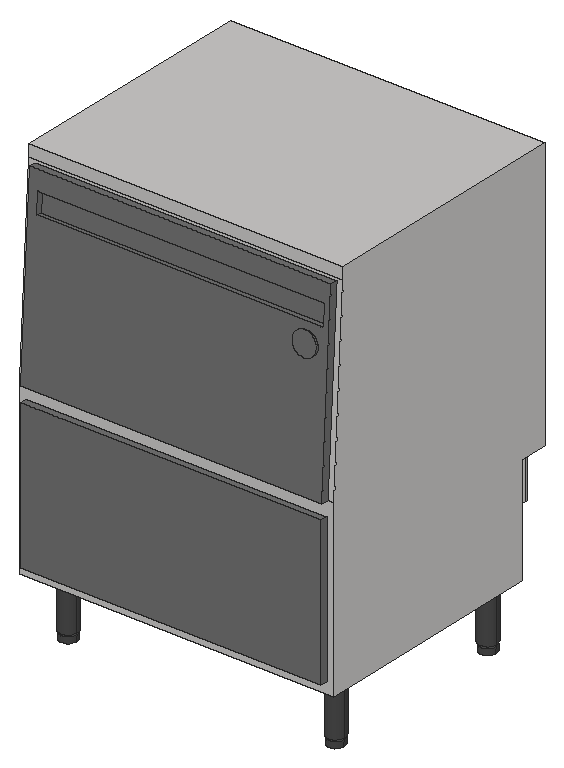
Revit family "QF_MACOM_HOSIM65A-2M", category Equipamento especial, Revit 2020 (continued)
Automatic sketch dimensions
  curve 278 to curve 278 = 3.5 mm
  curve 274 to curve 274 = 3.5 mm
  curve 290 to curve 277 = 0 mm
  curve 288 to curve 277 = 0 mm
  curve 286 to curve 273 = 0 mm
  curve 284 to curve 273 = 0 mm
  curve 282 to curve 269 = 0 mm
  curve 280 to curve 269 = 0 mm
  curve 269 to curve 280 = 4 mm
  curve 277 to curve 288 = 4 mm
  curve 273 to curve 284 = 4 mm
  curve 282 to curve 282 = 3.5 mm
  curve 290 to curve 290 = 3.5 mm
  curve 286 to curve 286 = 3.5 mm
  curve 292 to Extrusion 1 = 52.5 mm
  curve 292 to Extrusion 1 = 139.5 mm
  curve 293 to curve 293 = 68 mm
  curve 294 to curve 294 = 3.5 mm
  curve 296 to curve 292 = 13 mm
  curve 296 to curve 298 = 68 mm
  curve 296 to Extrusion 1 = 52.5 mm
  curve 299 to curve 299 = 3.5 mm
  curve 300 to curve 296 = 13 mm
  curve 300 to curve 302 = 68 mm
  curve 300 to Extrusion 1 = 52.5 mm
  curve 303 to curve 303 = 3.5 mm
  curve 312 to curve 303 = 0 mm
  curve 312 to curve 302 = 0 mm
  curve 311 to curve 299 = 0 mm
  curve 310 to curve 298 = 0 mm
  curve 307 to curve 295 = 0 mm
  curve 305 to curve 294 = 0 mm
  curve 294 to curve 304 = 4 mm
  curve 303 to curve 312 = 4 mm
  curve 298 to curve 308 = 4 mm
  curve 304 to curve 306 = 3.5 mm
  curve 312 to curve 314 = 3.5 mm
  curve 308 to curve 310 = 3.5 mm
  curve 327 to curve 315 = 0 mm
  curve 326 to curve 314 = 0 mm
  curve 323 to curve 311 = 0 mm
  curve 320 to curve 310 = 0 mm
  curve 316 to curve 307 = 0 mm
  curve 318 to curve 306 = 0 mm
  curve 306 to curve 316 = 4 mm
  curve 315 to curve 324 = 4 mm
  curve 310 to curve 320 = 4 mm
  curve 316 to curve 318 = 3.5 mm
  curve 327 to curve 327 = 3.5 mm
  curve 320 to curve 322 = 3.5 mm
  curve 336 to curve 327 = 0 mm
  curve 338 to curve 325 = 0 mm
  curve 333 to curve 323 = 0 mm
  curve 333 to curve 322 = 0 mm
  curve 328 to curve 319 = 0 mm
  curve 330 to curve 318 = 0 mm
  curve 318 to curve 328 = 4 mm
  curve 327 to curve 336 = 4 mm
  curve 322 to curve 332 = 4 mm
  curve 328 to curve 330 = 3.5 mm
  curve 336 to curve 338 = 3.5 mm
  curve 332 to curve 334 = 3.5 mm
  curve 351 to curve 339 = 0 mm
  curve 348 to curve 338 = 0 mm
  curve 344 to curve 335 = 0 mm
  curve 344 to curve 334 = 0 mm
  curve 340 to curve 331 = 0 mm
  curve 341 to curve 330 = 0 mm
  curve 330 to curve 340 = 4 mm
  curve 339 to curve 348 = 4 mm
  curve 334 to curve 344 = 4 mm
  curve 340 to curve 342 = 3.5 mm
  curve 348 to curve 350 = 3.5 mm
  curve 344 to curve 346 = 3.5 mm
  curve 360 to curve 351 = 0 mm
  curve 362 to curve 350 = 0 mm
  curve 357 to curve 347 = 0 mm
  curve 356 to curve 346 = 0 mm
  curve 355 to curve 343 = 0 mm
  curve 352 to curve 342 = 0 mm
  curve 342 to curve 352 = 4 mm
  curve 351 to curve 360 = 4 mm
  curve 346 to curve 356 = 4 mm
  curve 352 to curve 354 = 3.5 mm
  curve 360 to curve 362 = 3.5 mm
  curve 356 to curve 358 = 3.5 mm
  curve 375 to curve 363 = 0 mm
  curve 372 to curve 362 = 0 mm
  curve 368 to curve 359 = 0 mm
  curve 368 to curve 358 = 0 mm
  curve 367 to curve 355 = 0 mm
  curve 364 to curve 354 = 0 mm
  curve 354 to curve 364 = 4 mm
  curve 363 to curve 372 = 4 mm
  curve 358 to curve 368 = 4 mm
  curve 364 to curve 366 = 3.5 mm
  curve 375 to curve 375 = 3.5 mm
  curve 368 to curve 370 = 3.5 mm
  curve 384 to curve 375 = 0 mm
  curve 386 to curve 373 = 0 mm
  curve 380 to curve 371 = 0 mm
  curve 380 to curve 370 = 0 mm
  curve 379 to curve 367 = 0 mm
  curve 376 to curve 366 = 0 mm
  curve 366 to curve 376 = 4 mm
  curve 375 to curve 384 = 4 mm
  curve 370 to curve 380 = 4 mm
  curve 376 to curve 378 = 3.5 mm
  curve 384 to curve 386 = 3.5 mm
  curve 380 to curve 382 = 3.5 mm
  curve 399 to curve 387 = 0 mm
  curve 398 to curve 386 = 0 mm
  curve 393 to curve 383 = 0 mm
  curve 394 to curve 382 = 0 mm
  curve 391 to curve 379 = 0 mm
  curve 388 to curve 378 = 0 mm
  curve 378 to curve 388 = 4 mm
  curve 387 to curve 396 = 4 mm
  curve 382 to curve 392 = 4 mm
  curve 388 to curve 390 = 3.5 mm
  curve 396 to curve 398 = 3.5 mm
  curve 392 to curve 394 = 3.5 mm
  curve 408 to curve 399 = 0 mm
  curve 410 to curve 398 = 0 mm
  curve 407 to curve 395 = 0 mm
  curve 406 to curve 394 = 0 mm
  curve 403 to curve 391 = 0 mm
  curve 400 to curve 390 = 0 mm
  curve 390 to curve 400 = 4 mm
  curve 399 to curve 408 = 4 mm
  curve 394 to curve 404 = 4 mm
  curve 400 to curve 402 = 3.5 mm
  curve 408 to curve 410 = 3.5 mm
  curve 404 to curve 406 = 3.5 mm
  curve 423 to curve 411 = 0 mm
  curve 420 to curve 410 = 0 mm
  curve 416 to curve 407 = 0 mm
  curve 416 to curve 406 = 0 mm
  curve 415 to curve 403 = 0 mm
  curve 412 to curve 402 = 0 mm
  curve 402 to curve 412 = 4 mm
  curve 411 to curve 420 = 4 mm
  curve 406 to curve 416 = 4 mm
  curve 412 to curve 414 = 3.5 mm
  curve 420 to curve 422 = 3.5 mm
  curve 416 to curve 418 = 3.5 mm
  curve 432 to curve 423 = 0 mm
  curve 434 to curve 422 = 0 mm
  curve 431 to curve 419 = 0 mm
  curve 430 to curve 418 = 0 mm
  curve 427 to curve 415 = 0 mm
  curve 424 to curve 414 = 0 mm
  curve 414 to curve 424 = 4 mm
  curve 423 to curve 432 = 4 mm
  curve 418 to curve 428 = 4 mm
  curve 426 to curve 426 = 3.5 mm
  curve 432 to curve 434 = 3.5 mm
  curve 430 to curve 430 = 3.5 mm
  curve 447 to curve 435 = 0 mm
  curve 446 to curve 434 = 0 mm
  curve 443 to curve 431 = 0 mm
  curve 440 to curve 429 = 0 mm
  curve 439 to curve 427 = 0 mm
  curve 436 to curve 425 = 0 mm
  curve 425 to curve 436 = 4 mm
  curve 435 to curve 444 = 4 mm
  curve 429 to curve 440 = 4 mm
  curve 436 to curve 438 = 3.5 mm
  curve 444 to curve 446 = 3.5 mm
  curve 440 to curve 442 = 3.5 mm
  curve 456 to curve 447 = 0 mm
  curve 458 to curve 446 = 0 mm
  curve 453 to curve 443 = 0 mm
  curve 454 to curve 441 = 0 mm
  curve 451 to curve 439 = 0 mm
  curve 448 to curve 437 = 0 mm
  curve 437 to curve 448 = 4 mm
  curve 447 to curve 456 = 4 mm
  curve 441 to curve 452 = 4 mm
  curve 450 to curve 450 = 3.5 mm
  curve 456 to curve 458 = 3.5 mm
  curve 454 to curve 454 = 3.5 mm
  curve 471 to curve 459 = 0 mm
  curve 470 to curve 458 = 0 mm
  curve 464 to curve 455 = 0 mm
  curve 465 to curve 453 = 0 mm
  curve 463 to curve 451 = 0 mm
  curve 460 to curve 449 = 0 mm
  curve 449 to curve 460 = 4 mm
  curve 459 to curve 468 = 4 mm
  curve 453 to curve 464 = 4 mm
  curve 460 to curve 462 = 3.5 mm
  curve 471 to curve 471 = 3.5 mm
  curve 464 to curve 466 = 3.5 mm
  curve 480 to curve 471 = 0 mm
  curve 482 to curve 469 = 0 mm
  curve 476 to curve 467 = 0 mm
  curve 478 to curve 465 = 0 mm
  curve 472 to curve 463 = 0 mm
  curve 472 to curve 461 = 0 mm
  curve 461 to curve 472 = 4 mm
  curve 471 to curve 480 = 4 mm
  curve 465 to curve 476 = 4 mm
  curve 474 to curve 474 = 3.5 mm
  curve 480 to curve 482 = 3.5 mm
  curve 478 to curve 478 = 3.5 mm
  Extrusion 1 sketch curve to plane 1 "Centro (Frontal/Traseira)" = 0 mm
  plane 1 "Centro (Frontal/Traseira)" to Extrusion 1 sketch curve = 60 mm
  Extrusion 1 sketch curve to plane 6 = 39 mm
  Extrusion 1 sketch curve to plane 6 = 15 mm
  Extrusion 1 sketch curve to Extrusion 1 sketch curve = 364.6 mm
  Extrusion 1 sketch curve to Extrusion 1 sketch curve = 25 mm
  Extrusion 3 sketch curve to plane 6 = 15 mm
  Extrusion 3 sketch curve to plane 6 = 38.696 mm
  level to Extrusion 3 sketch curve = 496.6 mm
  Extrusion 3 sketch curve to plane 6 = 0.026 mm
  Extrusion 3 sketch curve to Extrusion 3 sketch curve = 14.971 mm
  Extrusion 3 sketch curve to Extrusion 3 sketch curve = 0.942 mm
  Extrusion 4 sketch curve to plane 6 = 33.816 mm
  Extrusion 4 sketch curve to plane 5 = 56.596 mm
  Extrusion 4 sketch curve to Extrusion 4 sketch curve = 3.668 mm
  Extrusion 4 sketch curve to Extrusion 4 sketch curve = 4.99 mm
  Extrusion 4 sketch curve to Extrusion 4 sketch curve = 0.689 mm
  Extrusion 4 sketch curve to Extrusion 4 sketch curve = 2.447 mm
  Extrusion 4 sketch curve to Extrusion 4 sketch curve = 0.154 mm
  Extrusion 4 sketch curve to Extrusion 4 sketch curve = 4.209 mm
  Extrusion 4 sketch curve to Extrusion 4 sketch curve = 11.647 mm
  Extrusion 4 sketch curve to Extrusion 4 sketch curve = 10.494 mm
  Extrusion 5 sketch curve to Extrusion 3 = 0 mm  (x3)
  Extrusion 5 sketch curve to Extrusion 5 sketch curve = 23.701 mm
  Extrusion 5 sketch curve to Extrusion 5 sketch curve = 0.001 mm
  Extrusion 5 sketch curve to Extrusion 5 sketch curve = 360.268 mm
  Extrusion 5 sketch curve to Extrusion 5 sketch curve = 0.004 mm
  plane 1 "Centro (Frontal/Traseira)" to curve 484 = 0 mm
  curve 484 to plane 3 "Centro (Esquerda/Direita)" = 0 mm
  curve 485 to plane 4 = 0 mm
  curve 492 to plane 6 = 0.025 mm
  plane 3 "Centro (Esquerda/Direita)" to curve 492 = 13 mm
  curve 492 to curve 498 = 19 mm
  curve 496 to plane 4 = 24 mm
  curve 491 to plane 4 = 13 mm
  curve 485 to plane 6 = 15 mm
  curve 486 to curve 497 = 3.755 mm
  curve 497 to curve 498 = 15.061 mm
  curve 493 to curve 492 = 0 mm
  curve 492 to curve 486 = 2 mm
  curve 495 to curve 493 = 4.88 mm
  curve 493 to curve 494 = 0.304 mm
  curve 494 to curve 488 = 21 mm
  plane 1 "Centro (Frontal/Traseira)" to Extrusion 7 sketch curve = 0 mm
  plane 1 "Centro (Frontal/Traseira)" to Extrusion 6 sketch curve = 0 mm  (x2)
  Extrusion 6 sketch curve to plane 3 "Centro (Esquerda/Direita)" = 0 mm
  plane 6 to Extrusion 6 sketch curve = 0 mm  (x2)
  Extrusion 6 sketch curve to plane 4 = 0 mm
  Extrusion 6 sketch curve to plane 3 "Centro (Esquerda/Direita)" = 150 mm
  plane 4 to Extrusion 6 sketch curve = 150 mm
  Extrusion 7 sketch curve to plane 3 "Centro (Esquerda/Direita)" = 150 mm
  plane 4 to Extrusion 7 sketch curve = 150 mm
  radius of Extrusion 8 sketch curve = 6.35 mm
  radius of Extrusion 9 sketch curve = 9.525 mm  (x2)
Nested families
  nested 1: "Sapata 132mm" at (50.469, -491.619, 17.513) x (1, 0, 0) z (0, -1, 0), type "Sapata 132mm"
  nested 2: "Sapata 132mm" at (50.469, -91.763, 17.513) x (1, 0, 0) z (0, -1, 0), type "Sapata 132mm"
  nested 3: "Sapata 132mm" at (614.191, -91.763, 17.513) x (1, 0, 0) z (0, -1, 0), type "Sapata 132mm"
  nested 4: "Sapata 132mm" at (614.191, -491.619, 17.513) x (1, 0, 0) z (0, -1, 0), type "Sapata 132mm"
  nested 5: "QF_Hoshizaki_Logo" at (-619.2, 664.082, 751.516), visible <- "Show Logo", type "QF_Hoshizaki_Logo", detail levels medium+fine
    with Type Mark "", Status "", Specification by User "", Show Logo yes, Serial Number "", Revision Code "", Item Number "", Installed By "", Identify Quantity as Lot yes, Furnished By "", Foodservice Equipment Identifier yes
Connectors
  piping at (79, -53.65, 285), diameter 19.05, driven by "Indirect Waste Size"
    settings: on Extrusion 9, index 1, connector inside diameter 24", connector length 0 mm, flow factor 0, pipe flow 0.0 L/s, pressure drop 0.0 Pa, fitting loss kfactor 0, connector angle 0.00°, fixture units 0, engagement length 0 mm, angle of deflection 0.00°, flow configuration 0, flow direction 2, fitting loss method 0, system type 16, joint type 0, gender type 0, connector reference index -1, connector utility 0, adjustable connector no, is connector primary yes, connector description ""
  piping at (634, -25, 261), diameter 12.7, driven by "Cold Water Size"
    settings: on Extrusion 8, index 2, connector inside diameter 24", connector length 0 mm, flow factor 0, pipe flow 0.0 L/s, pressure drop 0.0 Pa, fitting loss kfactor 0, connector angle 0.00°, fixture units 0, engagement length 0 mm, angle of deflection 0.00°, flow configuration 0, flow direction 1, fitting loss method 0, system type 7, joint type 0, gender type 0, connector reference index -1, connector utility 0, adjustable connector no, is connector primary no, connector description ""
  electrical at (25, -53.65, 330), driven by "Volts"
    settings: on Extrusion 9, index 3, voltage 220 V, apparent load 0 VA, apparent load phase1 0 VA, apparent load phase2 0 VA, apparent load phase3 0 VA, power factor 1, load classification "Outro", number of poles 1, system type 30, power factor state 1, is connector primary yes, connector utility no, sub classification motor no, connector description ""
Definition of nested family "Sapata 132mm"
  Parameters
    Default Elevation = 0 mm
  Reference planes
    plane 1 "Centro (Frente/Trás)": y = 0
    plane 2: z = 0
    plane 3 "Centro (Esquerda/Direita)": x = 0
  Forms (mm)
    Revolve 1, solid
      sketch origin (0, 0, 0) x (1, 0, 0) y (0, 1, 0)
        loop
          line (17.3, -17.513) -> (17.3, -5.713) -> (11.853, -0.266) -> (0, -0.266) -> (0, -17.513) -> (17.3, -17.513)
        axis (0, -0.266) -> (0, -17.513)
      angle from 0 to 360
    Revolve 2, solid
      sketch origin (0, 0, 0) x (1, 0, 0) y (0, 1, 0)
        loop
          line (0, 0) -> (0, 114.5) -> (-19.05, 114.5) -> (-19.05, 0) -> (0, 0)
        axis (0, 114.5) -> (0, 0)
      angle from 0 to 360
  Cuts and joins
    joined: Revolve 1, Revolve 2
  Dimensions and locks
    plane 1 "Centro (Frente/Trás)" to Revolve 2 sketch curve = 114.5 mm
    Revolve 2 to Revolve 1 = 132.013 mm
    aligned and locked: level to plane 2
Definition of nested family "QF_Hoshizaki_Logo"
  Parameters (values of type "QF_Hoshizaki_Logo")
    Weight in Pounds = 0
    URL Cutsheet = ""
    Type Mark [instance] = ""
    Status [instance] = ""
    Specification by User [instance] = ""
    Specification by Manufacturer = ""
    Show Logo [instance] = yes
    Serial Number [instance] = ""
    Seismic Rating = ""
    SMACNA No = ""
    Revision Code [instance] = ""
    Omniclass Number and Title = ""
    NAFEM Spec ID Number = ""
    MasterSpec. = "11 40 00"
    Item Number [instance] = ""
    Installed By [instance] = ""
    Identify Quantity as Lot [instance] = yes
    Furnished By [instance] = ""
    Foodservice Equipment Identifier [instance] = yes
    Default Elevation = 1219.2 mm
    CSI MasterFormat = "11 40 00"
    Assembly Code = "E1090300"
  Reference planes
    plane 1: z = 0
    plane 2 "Center (Left/Right)": x = 1219.2
    plane 3 "Center (Front/Back)": y = -1219.2
  Forms (mm)
    Extrusion 1, solid, visible <- "Show Logo"
      sketch origin (1267.55, -1214.015, 88.584) x (0, -0.058435, -0.998291) y (1, 0, 0)
        loop
          circle (63.336, -48.35) r 25.4
      from 0 to 3.175
  Lines and regions (mm)
    Split face 1
      outline origin (1267.55, -1217.184, 88.769) x (0, -0.058435, -0.998291) y (1, 0, 0)
        loop
          line (74.868, -35.556) -> (60.879, -36.703) -> (55.307, -45.687)
          arc (55.307, -45.687) -> (64.924, -42.365) -> (74.868, -44.516) r 18.88
          line (74.868, -44.516) -> (74.868, -35.556)
    Split face 2
      outline origin (1267.55, -1217.184, 88.769) x (0, -0.058435, -0.998291) y (1, 0, 0)
        loop
          line (62.494, -52.958) -> (58.526, -58.861) -> (61.435, -63.061) -> (63.114, -63.449) -> (68.567, -63.449) -> (74.493, -61.168) -> (77.47, -55.814) -> (74.868, -55.814) -> (62.494, -52.958)
    Split face 3
      outline origin (1267.55, -1217.184, 88.769) x (0, -0.058435, -0.998291) y (1, 0, 0)
        loop
          line (77.268, -44.516) -> (76.58, -45.539) -> (77.552, -47.223) -> (76.427, -47.872) -> (76.925, -49.166) -> (78.325, -49.489) -> (78.325, -44.516) -> (77.268, -44.516)
    Split face 4
      outline origin (1267.55, -1217.184, 88.769) x (0, -0.058435, -0.998291) y (1, 0, 0)
        loop
          line (77.47, -55.814) -> (70.252, -49.758) -> (72.168, -48.652) -> (71.424, -45.877) -> (70.362, -44.814) -> (65.564, -47.584) -> (60.879, -47.584) -> (56.481, -50.123) -> (55.306, -51.298) -> (55.306, -45.687) -> (51.858, -44.891) -> (50.298, -46.451) -> (49.289, -47.46) -> (49.289, -49.006) -> (50.134, -50.469) -> (52.623, -52.958) -> (56.804, -52.958) -> (62.494, -52.958)
    Split face 5
      outline origin (1267.55, -1217.184, 88.769) x (0, -0.058435, -0.998291) y (1, 0, 0)
        loop
          line (77.47, -55.814) -> (76.925, -49.166)
        loop
          arc (76.58, -45.539) -> (75.738, -45.005) -> (74.868, -44.516) r 18.875
    Split face 6
      outline origin (1267.55, -1217.184, 88.769) x (0, -0.058435, -0.998291) y (1, 0, 0)
        loop
          circle (63.336, -48.35) r 20.267
  Dimensions and locks
    aligned and locked: level to plane 1
